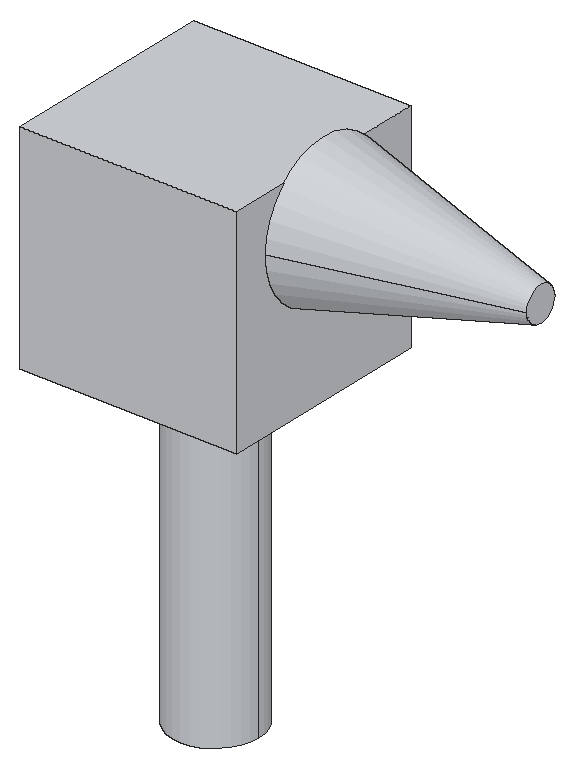
Revit family "TYPE-ABC", category Fire Alarm Devices, Revit 2020
Family settings
  Maintain Annotation Orientation = No
  Round Connector Dimension = Use Diameter
  Part Type = Normal
  OmniClass Number = 23.85.30.21
  OmniClass Title = Environmental Detection/Registration
  Work Plane-Based = No
  Always vertical = Yes
  Cut with Voids When Loaded = No
  Shared = No
  Room Calculation Point = No
Parameters (values of type "B Shape")
  Triangle Size = Triangle New : Type B
  Rad. = 200 mm
  Default Elevation = 0 mm
  A Size [instance] = REC : Type B
Types (3, lengths in mm): name | Triangle Size | Rad. | A Size
  (no name) | Triangle New : Type B | 200 | REC : Type B
  B Shape | Triangle New : Type B | 200 | REC : Type B
  A Shape | Triangle New : Type A | 100 | REC : Type A
Reference planes
  plane 1 "Center (Front/Back)": y = 0
  plane 2: z = 0
  plane 3 "Center (Left/Right)": x = 0
Forms (mm)
  Extrusion 1, solid
    sketch origin (0, 0, 0) x (1, 0, 0) y (0, 1, 0)
      loop
        circle (0, 0) r 200
    from 0 to 1500
Dimensions and locks
  "Rad.": radius of Extrusion 1 sketch curve
  aligned and locked: nested 1 to Extrusion 1
  aligned and locked: nested 1 to nested 1
  aligned and locked: nested 2 to plane 1 "Center (Front/Back)"
Automatic sketch dimensions
  plane 1 "Center (Front/Back)" to Extrusion 1 sketch curve = 0 mm
  Extrusion 1 sketch curve to plane 3 "Center (Left/Right)" = 0 mm
Nested families
  nested 1: "REC" at (0, 0, 1500), type <- "A Size", type "Type B"
  nested 2: "Triangle New" at (500, 0, 2250) x (0, 1, 0) z (1, 0, 0), type <- "Triangle Size", type "Type B"
Definition of nested family "REC"
  Parameters (values of type "Type B")
    Wide = 1000 mm
    Hight = 1000 mm
    Dept = 1000 mm
    Default Elevation = 0 mm
  Types (3, lengths in mm): name | Wide | Hight | Dept
    (no name) | 1000 | 1000 | 1000
    Type A | 500 | 500 | 500
    Type B | 1000 | 1000 | 1000
  Reference planes
    plane 1 "Center (Front/Back)": y = 0
    plane 2: z = 0
    plane 3 "Center (Left/Right)": x = 0
    plane 4: z = 1000
    plane 5: x = -500
    plane 6: x = 500
    plane 7: y = 500
    plane 8: y = -500
  Forms (mm)
    Extrusion 1, solid
      sketch origin (0, 0, 0) x (1, 0, 0) y (0, 1, 0)
        loop
          line (-500, 500) -> (-500, -500) -> (500, -500) -> (500, 500) -> (-500, 500)
      from 0 to 1000
  Dimensions and locks
    "Hight": plane 4 to plane 2
    "Dept": plane 7 to plane 8
    "Wide": plane 5 to plane 6
    equal spacing: plane 5, plane 3 "Center (Left/Right)", plane 6
    equal spacing: plane 7, plane 1 "Center (Front/Back)", plane 8
    aligned and locked: plane 4 to Extrusion 1
    aligned and locked: plane 7 to Extrusion 1
    aligned and locked: plane 6 to Extrusion 1
    aligned and locked: plane 8 to Extrusion 1
    aligned and locked: plane 5 to Extrusion 1
  Automatic sketch dimensions
    plane 1 "Center (Front/Back)" to Extrusion 1 sketch curve = 500 mm
    Extrusion 1 sketch curve to plane 1 "Center (Front/Back)" = 500 mm
    Extrusion 1 sketch curve to plane 3 "Center (Left/Right)" = 500 mm
    plane 3 "Center (Left/Right)" to Extrusion 1 sketch curve = 500 mm
Definition of nested family "Triangle New"
  Parameters (values of type "Type B")
    Default Elevation = 1219.2 mm
    Change Triangle Size = Triangle : Type B
  Types (3, lengths in mm): name | Change Triangle Size
    (no name) | Triangle : Type B
    Type A | Triangle : Type A
    Type B | Triangle : Type B
  Reference planes
    plane 1 "Center (Front/Back)": y = 0
    plane 2: z = 0
    plane 3 "Center (Left/Right)": x = 0
  Forms (mm)
    Extrusion 1, solid
      sketch origin (0, 0, 0) x (1, 0, 0) y (0, 1, 0)
        loop
          line (-1219.2, 1219.2) -> (-1219.2, -1219.2) -> (1219.2, -1219.2) -> (1219.2, 1219.2) -> (-1219.2, 1219.2)
      from 0 to -304.8
  Dimensions and locks
    aligned and locked: plane 2 to Extrusion 1
    aligned and locked: level to Extrusion 1
  Nested families
    nested 1: "Triangle" at (0, 0, 0), type <- "Change Triangle Size", type "Type B"
  Definition of nested family "Triangle"
    Parameters (values of type "Type B")
      Wide = 1000 mm
      Hight = 1000 mm
      Dept = 1000 mm
      Default Elevation = 0 mm
    Types (2, lengths in mm): name | Wide | Hight | Dept
      Type A | 500 | 500 | 500
      Type B | 1000 | 1000 | 1000
    Reference planes
      plane 1 "Center (Front/Back)": y = 0
      plane 2: z = 0
      plane 3 "Center (Left/Right)": x = 0
      plane 4: z = 1000
    Forms (mm)
      Blend 1, solid
        base sketch origin (0, 0, 0) x (1, 0, 0) y (0, 1, 0)
          loop
            circle (0, 0) r 340
        top sketch origin (0, 0, 0) x (1, 0, 0) y (0, 1, 0)
          loop
            circle (0, 0) r 80
        from 0 to 1000
    Dimensions and locks
      "Hight": plane 4 to plane 2
      aligned and locked: plane 4 to Blend 1
    Automatic sketch dimensions
      plane 1 "Center (Front/Back)" to Blend 1 sketch curve = 0 mm  (x2)
      Blend 1 sketch curve to plane 3 "Center (Left/Right)" = 0 mm  (x2)
      radius of Blend 1 sketch curve = 340 mm
      radius of Blend 1 sketch curve = 80 mm
